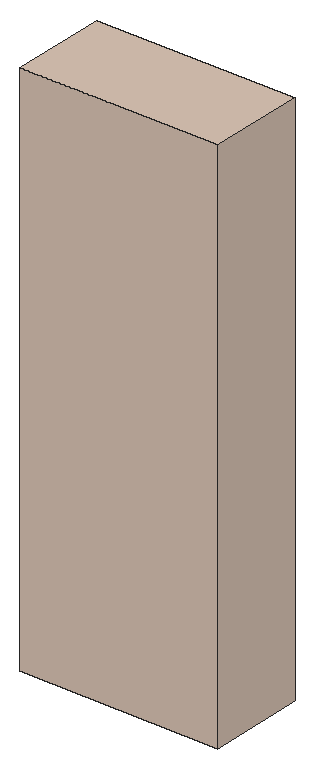
Revit family "Niche_NobleCompany_304_305", category Generic Models, host Wall, Revit 2015
Parameters (values of type "305 Narrow Combo")
  Width = 0' - 8 1/4"
  URL = "www.noblecompany.com"
  Specification = ""
  Sales Information = "http://noblecompany.com/contact/"
  Revision = "R1_09-2016"
  Product Properties = "http://noblecompany.com/products/noble-niches"
  Product Data = "http://www.arcat.com/arcatcos/cos34/arc34489.html"
  Niche Material = Acrylic Polymer Finish
  Model = "305"
  Manufacturer Website = "www.noblecompany.com"
  Manufacturer Phone - Toll Free = "800-878-5788"
  Manufacturer Phone = "231-799-8000"
  Manufacturer Fax = "231-799-8850"
  Manufacturer Address = "P. O. Box 350, Grand Haven, MI 49417-0350"
  Manufacturer = "Noble Company"
  Keynote = "10 28 00"
  Installation-Fabrication = "http://noblecompany.com/storage/docs/resources/NN062016-13_Noble_Niche_Installation_Instruction.pdf"
  Instal Height [instance] = 5' - 0"
  Height = 1' - 10 1/2"
  Drawn By = "Sumex Design - Robert S Weygant"
  Description = "305 Narrow Combo Niche"
  Depth = 0' - 4"
  Copyright = "� 2016 ARCAT Inc."
  Construction Details = ""
  Assembly Code = "D2010700"
Types (2): name | Width | Model | Description
  304 Wide Combo | 1' - 2 1/4" | "304" | "304 Wide Combo Niche"
  305 Narrow Combo | 0' - 8 1/4" | "305" | "305 Narrow Combo Niche"
Reference planes (in)
  plane 1: y = 0
  plane 2 "Center (Left/Right)": x = 0
  plane 3 "Wall Edge": y = 3
  plane 4: x = -4.125
  plane 5: y = 3.125
  plane 6: y = -0.875
  plane 7: x = 4.125
  plane 8: z = 60
  plane 9: z = 37.5
  plane 10: x = -3
  plane 11: x = 3
  plane 12: y = -0.375
  plane 13: z = 38.625
  plane 14: z = 44.625
  plane 15: z = 46.875
  plane 16: z = 58.875
Forms (in)
  Extrusion 1, void
    sketch origin (0, 0, 0) x (1, 0, 0) y (0, 1, 0)
      loop
        line (-4.125, 3.125) -> (-4.125, -0.875) -> (4.125, -0.875) -> (4.125, 3.125) -> (-4.125, 3.125)
    from 37.5 to 60
  Extrusion 2, solid, material "Acrylic Polymer Finish" <- "Niche Material"
    sketch origin (0, 0, 0) x (1, 0, 0) y (0, 1, 0)
      loop
        line (-4.125, 3.125) -> (-4.125, -0.875) -> (4.125, -0.875) -> (4.125, 3.125) -> (-4.125, 3.125)
    from 37.5 to 60
  Extrusion 3, void
    sketch origin (0, 3, 0) x (1, 0, 0) y (0, 0, 1)
      loop
        line (3, 58.875) -> (-3, 58.875) -> (-3, 46.875) -> (3, 46.875) -> (3, 58.875)
      loop
        line (3, 44.625) -> (-3, 44.625) -> (-3, 38.625) -> (3, 38.625) -> (3, 44.625)
    from -0.125 to 3.375
Cuts and joins
  Extrusion 3 cuts Extrusion 2
Text (in)
  text "Placement Side" at (0, 40.15149, 123.01588), in view "Right"
  text "Placement Side" at (-105.78919, 39.84311, 0), in view "Ref. Level"
  text "Placement Side" at (0, 81.62555, 140.59947), in view "Left"
Dimensions and locks (in)
  locked: plane 3 "Wall Edge" to host wall
  equal spacing: plane 4, plane 2 "Center (Left/Right)", plane 7
  "Width": plane 4 to plane 7
  "Depth": plane 5 to plane 6
  locked: plane 5 to plane 3 "Wall Edge" at 0.125
  "Height": plane 9 to plane 8
  "Instal Height": level to plane 8
  locked: plane 12 to plane 6 at 0.5
  locked: plane 4 to plane 10 at 1.125
  locked: plane 11 to plane 7 at 1.125
  locked: plane 13 to plane 14 at 6
  locked: plane 15 to plane 16 at 12
  locked: plane 16 to plane 8 at 1.125
  locked: plane 9 to plane 13 at 1.125
  aligned and locked: Extrusion 1 sketch curve to plane 5
  aligned and locked: plane 4 to Extrusion 1 sketch curve
  aligned and locked: plane 6 to Extrusion 1 sketch curve
  aligned and locked: plane 7 to Extrusion 1 sketch curve
  aligned and locked: plane 8 to Extrusion 1
  aligned and locked: Extrusion 1 to plane 9
  aligned and locked: Extrusion 2 sketch curve to plane 5
  aligned and locked: plane 4 to Extrusion 2 sketch curve
  aligned and locked: plane 6 to Extrusion 2 sketch curve
  aligned and locked: plane 7 to Extrusion 2 sketch curve
  aligned and locked: plane 8 to Extrusion 2
  aligned and locked: Extrusion 2 to plane 9
  aligned and locked: plane 16 to Extrusion 3 sketch curve
  aligned and locked: plane 11 to Extrusion 3 sketch curve  (x2)
  aligned and locked: Extrusion 3 sketch curve to plane 15
  aligned and locked: plane 10 to Extrusion 3 sketch curve  (x2)
  aligned and locked: plane 14 to Extrusion 3 sketch curve
  aligned and locked: Extrusion 3 sketch curve to plane 13
  aligned and locked: Extrusion 3 to plane 12
  aligned and locked: plane 5 to Extrusion 3
